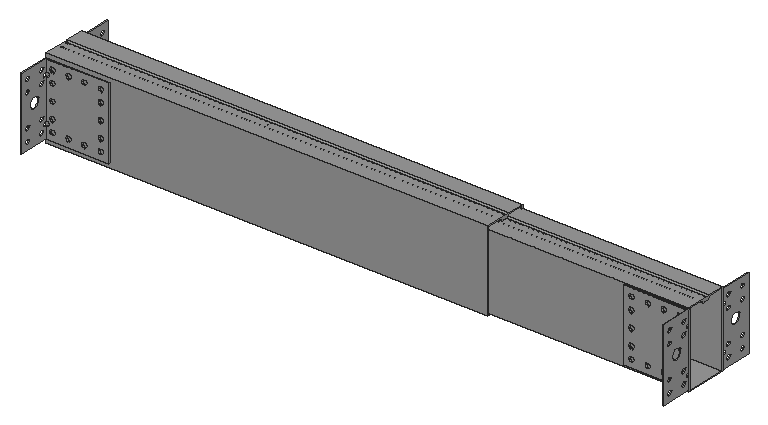
Revit family "RapidBeam_StandardLap_SmallSpan", category Generic Models, Revit 2020
Family settings
  Can host rebar = No
  Round Connector Dimension = Use Diameter
  Part Type = Normal
  OmniClass Number = 23.25.30.11.14.14
  OmniClass Title = Beams
  Work Plane-Based = No
  Always vertical = Yes
  Cut with Voids When Loaded = No
  Shared = No
  Room Calculation Point = No
Parameters
  URL = "https://www.tris.co.nz/products/info/141/Rapid-Beam"
  Span Max Min = "1200mm max span, 800mm min span."  # constant formula
  Span = 500 mm
  Sound Transmission Class = "N/A"  # constant formula
  Rapid Beam Material = Steel Galvanised
  Model = "Rapid Beam Standard lap Small span."  # constant formula
  Material = "Hot dipped galvanised mild steel, Manufactured in New Zealand."  # constant formula
  Masterspec CBI = "3421"  # constant formula
  Manufacturer = "Cold Rolled Systems"  # constant formula
  Length = if(Span < 800 mm, 800 mm, if(Span > 1200 mm, 1200 mm, Span))  # 800 mm
  IFCName = "Rapid Beam Standard lap Small span"
  IFCExportType = "BEAM"
  IFCExportAs = "IfcBeam"
  Fire Protection = "N/A"  # constant formula
  End Bracket Material = Steel Galvanised
  Description = "Rapid Beam Bridging Beam for non-structural restraints."  # constant formula
  Default Elevation = 2000 mm
Reference planes
  plane 1 "Center (Front/Back)": y = 0
  plane 2: z = 0
  plane 3 "Center (Left/Right)": x = 0
  plane 4: x = 400
  plane 5: x = 150
  plane 6: x = -150
  plane 7: x = -400
Lines and regions (mm)
  symbolic lines, style "GenericModelHiddenLines"
    curve 1: line (-150, 26.574, 0) -> (-150, -26.001, 0)
    curve 2: line (150, -26.001, 0) -> (-150, -26.001, 0)
    curve 3: line (150, 26.574, 0) -> (-150, 26.574, 0)
Dimensions and locks
  equal spacing: plane 7, plane 3 "Center (Left/Right)", plane 4
  "Length": plane 7 to plane 4
  locked: plane 6 to plane 5 at 300
  aligned and locked: level to plane 2
  aligned and locked: plane 7 to nested 1
  aligned and locked: plane 4 to nested 3
  aligned and locked: nested 4 to plane 4
  aligned and locked: plane 2 to nested 5
  aligned and locked: plane 3 "Center (Left/Right)" to nested 5
  aligned and locked: plane 1 "Center (Front/Back)" to nested 5
Automatic sketch dimensions
  curve 3 to plane 6 = 0 mm
  curve 3 to plane 5 = 0 mm
  curve 2 to plane 5 = 0 mm
  plane 1 "Center (Front/Back)" to curve 1 = 26.001 mm
  curve 3 to plane 1 "Center (Front/Back)" = 26.574 mm
Nested families
  nested 1: "EndBracket" at (-400, -27.517, 2.743), IFCExportAs <- "IFCExportAs", IFCExportType <- "IFCExportType", End Bracket Material <- "End Bracket Material", type "EndBracket"
    with IFCExportType "BEAM", IFCExportAs "IfcBeam", End Bracket Material Steel Galvanised
  nested 2: "EndBracket" at (-400, 27.517, 2.743), IFCExportAs <- "IFCExportAs", IFCExportType <- "IFCExportType", End Bracket Material <- "End Bracket Material", type "EndBracket"
    with IFCExportType "BEAM", IFCExportAs "IfcBeam", End Bracket Material Steel Galvanised
  nested 3: "EndBracket" at (400, -26.001, 2) x (-1, 0, 0) z (0, 0, 1), IFCExportAs <- "IFCExportAs", IFCExportType <- "IFCExportType", End Bracket Material <- "End Bracket Material", type "EndBracket"
    with IFCExportType "BEAM", IFCExportAs "IfcBeam", End Bracket Material Steel Galvanised
  nested 4: "EndBracket" at (400, 26.001, 2) x (-1, 0, 0) z (0, 0, 1), IFCExportAs <- "IFCExportAs", IFCExportType <- "IFCExportType", End Bracket Material <- "End Bracket Material", type "EndBracket"
    with IFCExportType "BEAM", IFCExportAs "IfcBeam", End Bracket Material Steel Galvanised
  nested 5: "RapidBeam_StandardLap_SmallSpan_Beam" at (0, 0, 0), Span <- "Span", IFCExportAs <- "IFCExportAs", IFCExportType <- "IFCExportType", Rapid Beam Material <- "Rapid Beam Material", type "RapidBeam_StandardLap_SmallSpan_Beam"
    with Span 500 mm, Rapid Beam Material Steel Galvanised, Length 800 mm, IFCExportType "BEAM", IFCExportAs "IfcBeam"
Definition of nested family "EndBracket"
  Parameters (values of type "EndBracket")
    IFCExportType [instance] = ""
    IFCExportAs [instance] = ""
    End Bracket Material [instance] = none
    Default Elevation = 0 mm
  Reference planes
    plane 1 "Center (Front/Back)": y = 0
    plane 2: z = 0
    plane 3 "Center (Left/Right)": x = 0
  Forms (mm)
    Sweep 1, solid, material <- "End Bracket Material"
      path origin (62.293, -51.069, 0) x (1, 0, 0) y (0, 1, 0)
        loop
          line (17.707, 51.069) -> (-62.293, 51.069) -> (-62.293, 11.069)
      profile origin (0, -20, 0) x (1, 0, 0) y (0, 0, 1)
        loop
          line (0, 0) -> (1.5, 0) -> (1.5, 90) -> (0, 90) -> (0, 0)
    Extrusion 2, void
      sketch origin (11.31, 0, 1.617) x (1, 0, 0) y (0, 0, 1)
        loop
          circle (58.828, 78.35) r 3.5
      from -13.546 to 13.273
    Extrusion 3, void
      sketch origin (11.31, 0, -13.409) x (1, 0, 0) y (0, 0, 1)
        loop
          circle (58.828, 78.35) r 3.5
      from -13.546 to 13.273
    Extrusion 4, void
      sketch origin (11.31, 0, -33.515) x (1, 0, 0) y (0, 0, 1)
        loop
          circle (58.828, 78.35) r 3.5
      from -13.546 to 13.273
    Extrusion 5, void
      sketch origin (11.31, 0, -53.409) x (1, 0, 0) y (0, 0, 1)
        loop
          circle (58.828, 78.35) r 3.5
      from -13.546 to 13.273
    Extrusion 6, void
      sketch origin (11.31, 0, -68.435) x (1, 0, 0) y (0, 0, 1)
        loop
          circle (58.828, 78.35) r 3.5
      from -13.546 to 13.273
    Extrusion 7, void
      sketch origin (-9.209, 0, 1.617) x (1, 0, 0) y (0, 0, 1)
        loop
          circle (58.828, 78.35) r 3.5
      from -13.546 to 13.273
    Extrusion 8, void
      sketch origin (-9.209, 0, -68.435) x (1, 0, 0) y (0, 0, 1)
        loop
          circle (58.828, 78.35) r 3.5
      from -13.546 to 13.273
    Extrusion 9, void
      sketch origin (-28.887, 0, 1.617) x (1, 0, 0) y (0, 0, 1)
        loop
          circle (58.828, 78.35) r 3.5
      from -13.546 to 13.273
    Extrusion 10, void
      sketch origin (-28.887, 0, -68.435) x (1, 0, 0) y (0, 0, 1)
        loop
          circle (58.828, 78.35) r 3.5
      from -13.546 to 13.273
    Extrusion 11, void
      sketch origin (-49.002, 0, 1.617) x (1, 0, 0) y (0, 0, 1)
        loop
          circle (58.828, 78.35) r 3.5
      from -13.546 to 13.273
    Extrusion 12, void
      sketch origin (-49.002, 0, -13.409) x (1, 0, 0) y (0, 0, 1)
        loop
          circle (58.828, 78.35) r 3.5
      from -13.546 to 13.273
    Extrusion 13, void
      sketch origin (-49.002, 0, -33.515) x (1, 0, 0) y (0, 0, 1)
        loop
          circle (58.828, 78.35) r 3.5
      from -13.546 to 13.273
    Extrusion 14, void
      sketch origin (-49.002, 0, -53.409) x (1, 0, 0) y (0, 0, 1)
        loop
          circle (58.828, 78.35) r 3.5
      from -13.546 to 13.273
    Extrusion 15, void
      sketch origin (-49.002, 0, -68.435) x (1, 0, 0) y (0, 0, 1)
        loop
          circle (58.828, 78.35) r 3.5
      from -13.546 to 13.273
    Extrusion 16, void
      sketch origin (9.962, -67.727, 1.617) x (0, 1, 0) y (0, 0, 1)
        loop
          circle (58.828, 78.35) r 3.5
      from -13.546 to 13.273
    Extrusion 17, void
      sketch origin (9.962, -67.727, -13.409) x (0, 1, 0) y (0, 0, 1)
        loop
          circle (58.828, 78.35) r 3.5
      from -13.546 to 13.273
    Extrusion 18, void
      sketch origin (9.962, -67.727, -53.409) x (0, 1, 0) y (0, 0, 1)
        loop
          circle (58.828, 78.35) r 3.5
      from -13.546 to 13.273
    Extrusion 19, void
      sketch origin (9.962, -67.727, -68.435) x (0, 1, 0) y (0, 0, 1)
        loop
          circle (58.828, 78.35) r 3.5
      from -13.546 to 13.273
    Extrusion 20, void
      sketch origin (9.962, -89.689, 1.617) x (0, 1, 0) y (0, 0, 1)
        loop
          circle (58.828, 78.35) r 3.5
      from -13.546 to 13.273
    Extrusion 21, void
      sketch origin (9.962, -89.689, -13.409) x (0, 1, 0) y (0, 0, 1)
        loop
          circle (58.828, 78.35) r 3.5
      from -13.546 to 13.273
    Extrusion 22, void
      sketch origin (9.962, -89.689, -53.409) x (0, 1, 0) y (0, 0, 1)
        loop
          circle (58.828, 78.35) r 3.5
      from -13.546 to 13.273
    Extrusion 23, void
      sketch origin (9.962, -89.689, -68.435) x (0, 1, 0) y (0, 0, 1)
        loop
          circle (58.828, 78.35) r 3.5
      from -13.546 to 13.273
    Extrusion 24, void
      sketch origin (-39.837, -43.459, -5.909) x (0.707107, 0.707107, 0) y (0, 0, 1)
        loop
          circle (58.828, 78.35) r 3.5
      from -13.546 to 13.273
    Extrusion 25, void
      sketch origin (-39.837, -43.459, -60.909) x (0.707107, 0.707107, 0) y (0, 0, 1)
        loop
          circle (58.828, 78.35) r 3.5
      from -13.546 to 13.273
    Extrusion 26, void
      sketch origin (9.962, -78.689, -29.909) x (0, 1, 0) y (0, 0, 1)
        loop
          circle (58.828, 78.35) r 7
      from -13.546 to 13.273
  Cuts and joins
    Extrusion 2, Extrusion 3, Extrusion 4, Extrusion 5, Extrusion 6, Extrusion 7, Extrusion 8, Extrusion 9, Extrusion 10, Extrusion 11, Extrusion 12, Extrusion 13, Extrusion 14, Extrusion 15, Extrusion 16, Extrusion 17, Extrusion 18, Extrusion 19, Extrusion 20, Extrusion 21, Extrusion 22, Extrusion 23, Extrusion 24, Extrusion 25, Extrusion 26 cuts Sweep 1
  Dimensions and locks
    aligned and locked: level to plane 2
Definition of nested family "RapidBeam_StandardLap_SmallSpan_Beam"
  Parameters (values of type "RapidBeam_StandardLap_SmallSpan_Beam")
    URL = ""
    Span [instance] = 500 mm
    Rapid Beam Material [instance] = none
    Model = ""
    Manufacturer = ""
    Length [instance] = if(Span < 800 mm, 800 mm, if(Span > 1200 mm, 1200 mm, Span))  # 800 mm
    IFCExportType [instance] = ""
    IFCExportAs [instance] = ""
    Description = ""
    Default Elevation = 2000 mm
  Reference planes
    plane 1 "Center (Front/Back)": y = 0
    plane 2 "Bottom": z = 0
    plane 3 "Center (Left/Right)": x = 0
    plane 4: x = 400
    plane 5: x = 150
    plane 6: x = -150
    plane 7: x = -400
  Forms (mm)
    Sweep 1, solid, material <- "Rapid Beam Material"
      path origin (0, 0, 0) x (1, 0, 0) y (0, 1, 0)
        loop
          line (-150, 0) -> (400, 0)
      profile origin (125, 0, 0) x (0, 1, 0) y (0, 0, 1)
        loop
          line (5.01, 93.983) -> (1.654, 90.673) -> (-3.74, 90.673)
          arc (-3.74, 90.673) -> (-4.395, 91.328) -> (-3.74, 91.983) r 0.655
          line (-3.74, 91.983) -> (1.031, 91.983) -> (1.031, 92.883) -> (-3.74, 92.883)
          arc (-3.74, 92.883) -> (-5.195, 91.428) -> (-3.74, 89.973) r 1.455
          line (-3.74, 89.973) -> (2.226, 89.973) -> (5.379, 93.083) -> (25.101, 93.083) -> (25.101, 0.9) -> (-25.101, 0.9) -> (-25.101, 93.083) -> (1.129, 93.083)
          arc (1.129, 93.083) -> (1.779, 92.433) -> (1.129, 91.783) r 0.65
          line (1.129, 91.783) -> (-3.74, 91.783)
          arc (-3.74, 91.783) -> (-4.19, 91.333) -> (-3.74, 90.883) r 0.45
          line (-3.74, 90.883) -> (1.129, 90.883)
          arc (1.129, 90.883) -> (2.679, 92.433) -> (1.129, 93.983) r 1.55
          line (1.129, 93.983) -> (-26.001, 93.983) -> (-26.001, 0) -> (26.001, 0) -> (26.001, 93.983) -> (5.01, 93.983)
    Sweep 2, solid, material <- "Rapid Beam Material"
      path origin (0, 0, 0) x (1, 0, 0) y (0, 1, 0)
        loop
          line (-400, 0) -> (150, 0)
      profile origin (-125, 0, 0) x (0, 1, 0) y (0, 0, 1)
        loop
          line (5.01, 97.743) -> (1.654, 94.432) -> (-3.74, 94.432)
          arc (-3.74, 94.432) -> (-4.395, 95.087) -> (-3.74, 95.743) r 0.655
          line (-3.74, 95.743) -> (1.031, 95.743) -> (1.031, 96.643) -> (-3.74, 96.643)
          arc (-3.74, 96.643) -> (-5.195, 95.187) -> (-3.74, 93.732) r 1.455
          line (-3.74, 93.732) -> (2.226, 93.732) -> (5.379, 96.843) -> (26.574, 96.843) -> (26.574, -1.322) -> (-26.617, -1.322) -> (-26.617, 96.843) -> (1.129, 96.843)
          arc (1.129, 96.843) -> (1.779, 96.193) -> (1.129, 95.543) r 0.65
          line (1.129, 95.543) -> (-3.74, 95.543)
          arc (-3.74, 95.543) -> (-4.19, 95.093) -> (-3.74, 94.643) r 0.45
          line (-3.74, 94.643) -> (1.129, 94.643)
          arc (1.129, 94.643) -> (2.679, 96.193) -> (1.129, 97.743) r 1.55
          line (1.129, 97.743) -> (-27.517, 97.743) -> (-27.517, -2.222) -> (27.474, -2.222) -> (27.474, 97.743) -> (5.01, 97.743)
  Lines and regions (mm)
    symbolic lines
      curve 1: line (-150, 26.574, 0) -> (-150, -26.001, 0)
      curve 2: line (150, -26.001, 0) -> (-150, -26.001, 0)
      curve 3: line (150, 26.574, 0) -> (-150, 26.574, 0)
      curve 4: line (150, 0, 93.983) -> (-150, 0, 93.983)
      curve 5: line (150, 0, 0) -> (-150, 0, 0)
      curve 6: line (-150, 0, 0) -> (-150, 0, 93.983)
  Dimensions and locks
    equal spacing: plane 7, plane 3 "Center (Left/Right)", plane 4
    "Length": plane 7 to plane 4
    locked: plane 6 to plane 5 at 300
    aligned and locked: level to plane 2 "Bottom"
    aligned and locked: plane 1 "Center (Front/Back)" to Sweep 1 sketch curve
    aligned and locked: plane 4 to Sweep 1 sketch curve
    aligned and locked: plane 5 to Sweep 2 sketch curve
    aligned and locked: plane 6 to Sweep 1 sketch curve
    aligned and locked: plane 7 to Sweep 2 sketch curve
  Automatic sketch dimensions
    Sweep 1 sketch curve to Sweep 1 sketch curve = 0 mm  (x4)
    Sweep 1 sketch curve to level = 0 mm
    profile plane to Sweep 1 sketch curve = 26.001 mm
    Sweep 1 sketch curve to Sweep 1 sketch curve = 0.9 mm  (x3)
    profile plane to Sweep 1 sketch curve = 3.74 mm
    Sweep 1 sketch curve to profile plane = 1.031 mm
    Sweep 1 sketch curve to Sweep 1 sketch curve = 0.098 mm
    Sweep 1 sketch curve to Sweep 1 sketch curve = 0.525 mm
    Sweep 1 sketch curve to Sweep 1 sketch curve = 0.572 mm
    Sweep 1 sketch curve to Sweep 1 sketch curve = 3.881 mm
    Sweep 1 sketch curve to Sweep 1 sketch curve = 0.369 mm
    level to Sweep 1 sketch curve = 0.9 mm
    Sweep 1 sketch curve to profile plane = 25.101 mm
    level to Sweep 1 sketch curve = 89.973 mm
    Sweep 1 sketch curve to Sweep 1 sketch curve = 0.7 mm
    Sweep 1 sketch curve to Sweep 1 sketch curve = 0.211 mm
    Sweep 1 sketch curve to Sweep 1 sketch curve = 0.445 mm
    Sweep 1 sketch curve to Sweep 1 sketch curve = 0.005 mm
    Sweep 1 sketch curve to Sweep 1 sketch curve = 0.095 mm
    Sweep 1 sketch curve to Sweep 1 sketch curve = 0.45 mm
    Sweep 1 sketch curve to Sweep 1 sketch curve = 3.111 mm
    Sweep 2 sketch curve to plane 1 "Center (Front/Back)" = 0 mm
    Sweep 2 sketch curve to Sweep 2 sketch curve = 0 mm  (x4)
    Sweep 2 sketch curve to level = 2.222 mm
    profile plane to Sweep 2 sketch curve = 27.517 mm
    Sweep 2 sketch curve to Sweep 2 sketch curve = 0.9 mm  (x3)
    profile plane to Sweep 2 sketch curve = 3.74 mm
    Sweep 2 sketch curve to profile plane = 1.031 mm
    Sweep 2 sketch curve to Sweep 2 sketch curve = 0.098 mm
    Sweep 2 sketch curve to Sweep 2 sketch curve = 0.525 mm
    Sweep 2 sketch curve to Sweep 2 sketch curve = 0.572 mm
    Sweep 2 sketch curve to Sweep 2 sketch curve = 3.881 mm
    Sweep 2 sketch curve to Sweep 2 sketch curve = 0.369 mm
    Sweep 2 sketch curve to level = 1.322 mm
    Sweep 2 sketch curve to profile plane = 26.574 mm
    level to Sweep 2 sketch curve = 93.732 mm
    Sweep 2 sketch curve to Sweep 2 sketch curve = 0.7 mm
    Sweep 2 sketch curve to Sweep 2 sketch curve = 0.211 mm
    Sweep 2 sketch curve to Sweep 2 sketch curve = 0.445 mm
    Sweep 2 sketch curve to Sweep 2 sketch curve = 0.005 mm
    Sweep 2 sketch curve to Sweep 2 sketch curve = 0.095 mm
    Sweep 2 sketch curve to Sweep 2 sketch curve = 0.45 mm
    Sweep 2 sketch curve to Sweep 2 sketch curve = 3.111 mm
    curve 3 to plane 6 = 0 mm
    curve 3 to plane 5 = 0 mm
    curve 2 to plane 5 = 0 mm
    plane 1 "Center (Front/Back)" to curve 1 = 26.001 mm
    curve 3 to plane 1 "Center (Front/Back)" = 26.574 mm
    curve 5 to level = 0 mm
    curve 5 to plane 6 = 0 mm
    curve 5 to plane 5 = 0 mm
    curve 4 to plane 5 = 0 mm
    curve 5 to curve 4 = 93.983 mm
